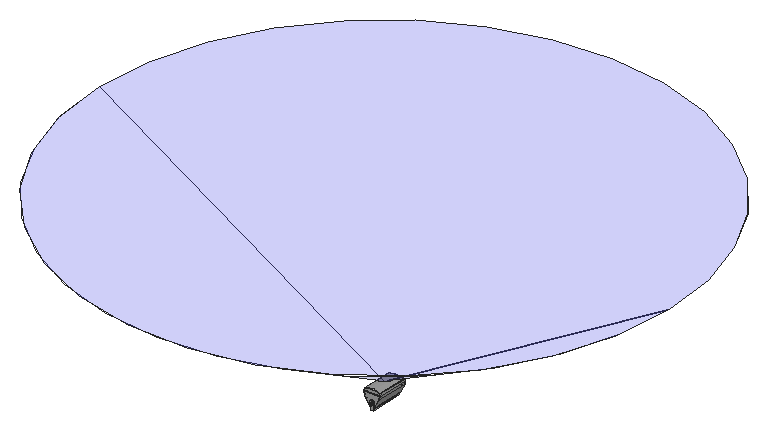
Revit family "SM82T-B", category Communication Devices, Revit 2014
Parameters (values of type "Surface Mount Loundspeaker")
  Width = 9.10"
  Weight Product = 17.25
  Warranty = "5 Year"
  Vertical Symmetry = yes
  URL = "www.atlassound.com"
  Transformer Option = yes
  Specification by User (default) = "TBD"
  Speaker Listening Height [instance] = 30.00"
  Speaker Height [instance] = 120.00"
  Speaker Dispersion = 120.00°
  Speaker Cone Visible [instance] = yes
  Sensitivity = 92
  ScheduleType |RF| = "AtlasIED Master"
  SPL Max = 107
  Rotation = 0.00°
  Product Page URL = "https://www.atlasied.com/sm82t-b"
  Product Documentation Link = "https://www.atlasied.com/f/1913/ATS003255%20SM82T%20Data.pdf"
  Power Rating (RMS) = "150 Watts"
  Pitch = 0.00°
  OmniClass Title = "SPEAKERS"
  OmniClass Number = "23-37 17 13 19"
  Mount Material = QF_Plastic - Black - Fine Textured
  Model = "SM82T-B"
  MaterFormat Title = "SPEAKERS"
  MasterFormat = "27 41 13"
  Market = "Commercial, Higher Education, Emergency"
  Manufacturer URL = "https://www.atlasied.com"
  Manufacturer Phone = "(800) 876 - 3333"
  Manufacturer Email = "support@atlasied.com"
  Manufacturer Address = "4545 E. Baseline Rd., Phoenix, AZ 85042"
  Manufacturer = "ATLAS SOUND"
  Input Connectors = "Barrier Terminal"
  Ingress Protection = "IP-33"
  Impedance = 8
  IQ Category = "SPEAKERS"
  Height = 9.81"
  Grill Material = QF_Plastic - Black - Fine Textured
  Frequency Response  = "65Hz – 20kHz (±3dB)"
  Family Version [instance] = "2017-01"
  Family Code (default) = "LOUD SPEAKERS"
  Environmental Testing = "100HR Salt Spray Test Per ASTM B117"
  Enclosure Material = none
  Dispersion Angle = 0.00°
  Description = "8\" 2-WAY ALL WEATHER LOUDSPEAKER WITH 60-WATT 70V/100V TRANSFORMER - BLACK"
  Depth = 18.365"
  Coverage Vertical = 110.00°
  Coverage Horizontal = 110.00°
  Cost MSRP = 343.99
  Cost = 343.99
  Color = none
  Body Material = QF_Plastic - Black - Fine Textured
  Baffle Material = none
  Assembly Code = ""
  Angle [instance] = 0.00°
  70V Taps = "0.94, 1.9, 3.8, 7.5, 15, 30, & 60 Watts / 8Ω Bypass"
  100V Taps = "0.94, 1.9, 3.8, 7.5, 15, 30, & 60 Watts / 8Ω Bypass"
Reference planes (in)
  plane 1 "Center (Front/Back)": y = 0
  plane 2: z = 0
  plane 3 "Center (Left/Right)": x = 0
  plane 4: x = 4.55
  plane 5: x = -4.55
  plane 6: z = 9.81
  plane 7: z = 3.94372
Forms (in)
  Extrusion 1, solid, material "QF_Plastic - Black - Fine Textured" <- "Mount Material"
    sketch origin (0, 8.51741, 3.92856) x (1, 0, 0) y (0, 0, -1)
      loop
        line (-0.75, 3.92856) -> (-0.75, -0.01516)
        arc (-0.75, -0.01516) -> (0, -0.76516) -> (0.75, -0.01516) r 0.75
        line (0.75, -0.01516) -> (0.75, 3.92856) -> (-0.75, 3.92856)
    from 0 to 0.13
  Extrusion 2, solid, material "QF_Plastic - Black - Fine Textured" <- "Mount Material"
    sketch origin (0, -8.53009, 3.92856) x (-1, 0, 0) y (0, 0, -1)
      loop
        line (0.75, 3.92856) -> (-0.75, 3.92856) -> (-0.75, -0.01516)
        arc (-0.75, -0.01516) -> (0, -0.76516) -> (0.75, -0.01516) r 0.75
        line (0.75, -0.01516) -> (0.75, 3.92856)
    from 0 to 0.13
  Extrusion 3, solid, material "QF_Plastic - Black - Fine Textured" <- "Mount Material"
    sketch origin (0.75, 8.51741, 3.94372) x (0, 0, -1) y (0, 1, 0)
      loop
        line (3.94372, 0.13) -> (3.81372, 0.13) -> (3.81372, -17.0475) -> (3.94372, -17.0475) -> (3.94372, 0.13)
    from 0 to -1.5
  Extrusion 4, solid, material "QF_Plastic - Black - Fine Textured" <- "Mount Material"
    sketch origin (0.75, 8.64741, 0) x (-1, 0, 0) y (0, 1, 0)
      loop
        circle (0.75, -1.94572) r 0.13
      loop
        circle (0.75, -8.34572) r 0.13
      loop
        circle (0.75, -0.8775) r 0.2
      loop
        circle (0.75, -9.59572) r 0.2
      loop
        circle (0.75, -5.005) r 0.25
    from 0 to 0.13
  Revolve 5, solid, material "QF_Metal - Stainless - Polished"
    sketch origin (2.0095, 1.44158, 3.94372) x (0, 1, 0) y (-1, 0, 0)
      loop
        line (1.06703, 2.0095) -> (1.17726, 2.0095) -> (1.17726, 2.2595) -> (1.06703, 2.2595) -> (1.06703, 2.0095)
      axis (1.06703, 2.0095) -> (1.17726, 2.0095)
    angle from 0 <- "Angle" to 225.204
Cuts and joins
  joined: Extrusion 1, Extrusion 2, Extrusion 3
Dimensions and locks (in)
  "Width": plane 5 to plane 4
  "Height": plane 6 to plane 2
  aligned and locked: plane 2 to level
Automatic sketch dimensions
  Extrusion 1 sketch curve to Extrusion 1 sketch curve = 0.75"
  Extrusion 2 sketch curve to Extrusion 2 sketch curve = 0.75"
  Extrusion 3 sketch curve to Extrusion 1 = 0.00"
  Extrusion 1 to Extrusion 3 sketch curve = 0.00"
  Extrusion 3 sketch curve to Extrusion 1 = 0.13"
  Extrusion 3 sketch curve to Extrusion 1 = 17.0475"
  Extrusion 4 sketch curve to Extrusion 3 = 0.75"  (x5)
  Extrusion 3 to Extrusion 4 sketch curve = 0.8775"
  Extrusion 4 sketch curve to Extrusion 4 sketch curve = 1.06822"
  Extrusion 4 sketch curve to Extrusion 4 sketch curve = 3.05928"
  Extrusion 4 sketch curve to Extrusion 4 sketch curve = 3.34072"
  Extrusion 4 sketch curve to Extrusion 4 sketch curve = 1.25"
  Extrusion 1 sketch curve to level = 0.00"
  Extrusion 1 sketch curve to plane 3 "Center (Left/Right)" = 0.00"
  level to Extrusion 1 sketch curve = 3.94372"
  Extrusion 2 sketch curve to level = 0.00"
  Extrusion 2 sketch curve to plane 3 "Center (Left/Right)" = 0.00"
  level to Extrusion 2 sketch curve = 3.94372"
  Revolve 5 sketch curve to plane 3 "Center (Left/Right)" = 0.00"  (x2)
  Revolve 5 sketch curve to plane 1 "Center (Front/Back)" = 2.50861"
  Revolve 5 sketch curve to Revolve 5 sketch curve = 0.11023"
  Revolve 5 sketch curve to plane 3 "Center (Left/Right)" = 0.25"
  Revolve 5 sketch curve to Revolve 5 sketch curve = 2.32274"
  Revolve 5 sketch curve to Revolve 5 sketch curve = 0.59789"
  radius of Extrusion 4 sketch curve = 0.13"  (x2)
  radius of Extrusion 4 sketch curve = 0.20"  (x2)
  radius of Extrusion 4 sketch curve = 0.25"
Nested families (in)
  nested 1: "SM82TB" at (0, 0, 0), Speaker Cone Visible <- "Speaker Cone Visible", Speaker Listening Height <- "Speaker Listening Height", Speaker Height <- "Speaker Height", Speaker Dispersion <- "Speaker Dispersion", type "Surface Mount Loundspeaker"
    with Weight Dimensional/Shipping 0, Speaker Listening Height 30.00", Speaker Height 120.00", Speaker Dispersion 120.00°, Speaker Cone Visible yes, Speaker Cone Height 90.00", Radius of Speaker Cone 155.88457", Family Version "1.0"
Definition of nested family "SM82TB"
  Parameters (values of type "Surface Mount Loundspeaker")
    Woofer Size = 8 (stored number, unit not read)
    Width = 9.10"
    Weight Product = 17.25
    Weight Dimensional/Shipping [instance] = 0
    Weight Dimensional = 22.83
    Warranty = "5 Year Warranty"
    Vertical Symmetry = yes
    URL = "www.atlassound.com"
    Type Driver = "1\" Exit Titanium High Frequency Compression Driver"
    Transformer Option = yes
    Sustainability Rating = "TBD"
    Specification by User (default) = "TBD"
    Specification by Manufacturer = "TBD"
    Speaker Type = "S1"
    Speaker Listening Height [instance] = 30.00"
    Speaker Height [instance] = 120.00"
    Speaker Dispersion [instance] = 120.00°
    Speaker Data Link = "TBD"
    Speaker Cone Visible [instance] = no
    Speaker Cone Height [instance] = (Speaker Height - Speaker Listening Height)  # 90.00"
    Serial Number = "TBD"
    Sensitivity = 92
    Seismic Rating = "TBD"
    ScheduleType |RF| = "AtlasIED Master"
    Safety Features = "TBD"
    Safety Agency Ratings = "TBD"
    SPL Max = 107
    Rotation = 0.00°
    Regulatory Compliance = "TBD"
    Radius of Speaker Cone [instance] = (Speaker Cone Height) * tan(Speaker Dispersion / 2)  # 155.88457"
    Product Page URL = "https://www.atlasied.com/sm82t-b"
    Product Documentation Link = "https://www.atlasied.com/f/1913/ATS003255%20SM82T%20Data.pdf"
    Power Rating (RMS) = "150 Watts"
    Pitch = 0.00°
    Part Number = "SM82T-B"
    Outdoor/Weather Rating = "TBD"
    OmniClass Title = "SPEAKERS"
    OmniClass Number = "23-37 17 13 19"
    Number of Bands = 0
    Mounting/Rigging Provisions = "TBD"
    Mount Material = QF_Plastic - Black - Fine Textured
    Model = "SM82T-B"
    MaterFormat Title = "SPEAKERS"
    MasterFormat = "27 41 13"
    Market = "Commercial, Higher Education, Emergency"
    Manufacturer URL = "https://www.atlasied.com"
    Manufacturer Phone = "(800) 876 - 3333"
    Manufacturer Email = "support@atlasied.com"
    Manufacturer Address = "4545 E. Baseline Rd., Phoenix, AZ 85042"
    Manufacturer = "ATLAS SOUND"
    Input Connectors = "Barrier Terminal"
    Ingress Protection = "TBD"
    Impedance = 8
    IQ Category = "SPEAKERS"
    Horizontal Symmetry = yes
    Height = 9.81"
    Grill Material = QF_Plastic - Black - Fine Textured
    Frequency Response  = "65Hz – 20kHz (±3dB)"
    Family Version [instance] = "1.0"
    Family Code (default) = "ITS Inc."
    Environmental Testing = "100HR Salt Spray Test Per ASTM B117"
    Enclosure Material = none
    Dispersion Angle = 0.00°
    Description = "8\" 2-WAY ALL WEATHER LOUDSPEAKER WITH 60-WATT 70V/100V TRANSFORMER - BLACK"
    Depth = 18.365"
    Crossover Frequency = "2.5kHz"
    Coverage Vertical = 110.00°
    Coverage Horizontal = 110.00°
    Coverage = "ADD COVERAGE VIEW"
    Cost MSRP = 343.99
    Cost = 343.99
    Color = none
    Body Material = QF_Plastic - Black - Fine Textured
    Baffle Material = none
    Assembly Code = ""
    70V Taps = "0.94, 1.9, 3.8, 7.5, 15, 30, & 60 Watts / 8Ω Bypass"
    100V Taps = "0.94, 1.9, 3.8, 7.5, 15, 30, & 60 Watts / 8Ω Bypass"
  Reference planes (in)
    plane 1 "Center (Front/Back)": y = 0
    plane 2: z = 0
    plane 3 "Center (Left/Right)": x = 0
    plane 4: x = 4.55
    plane 5: x = -4.55
    plane 6: z = 9.81
  Forms (in)
    Extrusion 1, solid, material "QF_Metal - Stainless - Polished"
      sketch origin (-1.82508, 38.80741, 9.81) x (0, 1, 0) y (1, 0, 0)
        loop
          circle (-46.565, 1.82508) r 0.30986
      from 0 to 0.03
    Extrusion 2, solid, material "QF_Plastic - Black - Fine Textured" <- "Body Material"
      sketch origin (0, -9.19259, 3.92856) x (1, 0, 0) y (0, 0, -1)
        loop
          arc (1.50112, 2.40488) -> (1.34091, 2.56567) -> (1.1217, 2.62455) r 0.4375
          line (1.1217, 2.62455) -> (-1.1217, 2.62455)
          arc (-1.1217, 2.62455) -> (-1.34091, 2.56567) -> (-1.50112, 2.40488) r 0.4375
          line (-1.50112, 2.40488) -> (-4.125, -2.16545) -> (-4.5, -3.76545) -> (4.5, -3.76545) -> (4.125, -2.16545) -> (1.50112, 2.40488)
      from 0.6625 to 17.71
    Sweep 3, void
      path origin (0, 8.51741, 3.92856) x (1, 0, 0) y (0, 0, -1)
        loop
          line (4.34748, -5.50879) -> (4.5, -3.76545) -> (4.125, -2.16545) -> (1.375, 2.62455) -> (-1.375, 2.62455) -> (-4.125, -2.16545) -> (-4.5, -3.76545) -> (-4.34748, -5.50879)
      profile origin (2.75, 8.51741, 3.69901) x (-0.867239, 0, 0.497893) y (0, 1, 0)
        loop
          spline (-0.05824, -0.4375) -> (-0.05629, -0.37239) -> (-0.04473, -0.30829) -> (-0.02382, -0.24663) -> (0.00598, -0.18876) -> (0.044, -0.13598) -> (0.08941, -0.08945) -> (0.14119, -0.05021) -> (0.19821, -0.01912) -> (0.25919, 0.00312) -> (0.32278, 0.01603) -> (0.38758, 0.01931) -> (0.45214, 0.0129)
          line (0.45214, 0.0129) -> (0.45214, 0.14191) -> (-0.15314, 0.14191) -> (-0.15314, -0.4375) -> (-0.05824, -0.4375)
        loop
          line (-0.05824, -16.59731) -> (-0.15314, -16.59731) -> (-0.15314, -17.17672) -> (0.45214, -17.17672) -> (0.45214, -17.04771)
          spline (0.45214, -17.04771) -> (0.38758, -17.05413) -> (0.32278, -17.05084) -> (0.25919, -17.03794) -> (0.19821, -17.01569) -> (0.14119, -16.9846) -> (0.08941, -16.94536) -> (0.044, -16.89883) -> (0.00598, -16.84605) -> (-0.02382, -16.78819) -> (-0.04473, -16.72652) -> (-0.05629, -16.66243) -> (-0.05824, -16.59731)
    Revolve 4, solid, material "QF_Plastic - Black - Fine Textured" <- "Mount Material"
      sketch origin (0, -9.19259, 3.92856) x (1, 0, 0) y (0, 1, 0)
        loop
          line (0, 18.37) -> (-0.74918, 18.37) -> (-0.74918, 18) -> (-0.48668, 18) -> (-0.48668, 17.7125) -> (0, 17.7125) -> (0, 18.37)
        loop
          line (0, 0.005) -> (0, 0.6625) -> (-0.48668, 0.6625) -> (-0.48668, 0.375) -> (-0.74918, 0.375) -> (-0.74918, 0.005) -> (0, 0.005)
        axis (0, 18.37) -> (0, 0.005)
      angle from 0 to 360
    Extrusion 5, solid, material "QF_Plastic - Black - Fine Textured" <- "Body Material"
      sketch origin (0, 8.51741, 3.92856) x (1, 0, 0) y (0, 0, -1)
        loop
          line (4.38577, -5.13111) -> (4.47813, -4.07545) -> (-4.47813, -4.07545) -> (-4.38577, -5.13111)
          arc (-4.38577, -5.13111) -> (0, -5.78707) -> (4.38577, -5.13111) r 14.98966
      from 0 to -17.0475
    Extrusion 6, solid, material "QF_Plastic - Black - Fine Textured" <- "Grill Material"
      sketch origin (0, 8.51741, 3.92856) x (1, 0, 0) y (0, 0, -1)
        loop
          line (4.06051, -5.31255) -> (4.06051, -5.22662)
          arc (4.06051, -5.22662) -> (0, -5.78707) -> (-4.06051, -5.22662) r 14.98966
          line (-4.06051, -5.22662) -> (-4.06051, -5.31255)
          arc (-4.06051, -5.31255) -> (0, -5.88144) -> (4.06051, -5.31255) r 14.7755
      from -0.19881 to -16.83601
    Extrusion 7, solid, material "QF_Plastic - Black - Fine Textured" <- "Body Material"
      sketch origin (1.65, -9.19259, 7.69401) x (1, 0, 0) y (0, 1, 0)
        loop
          line (2.59455, 17.71) -> (-5.89455, 17.71)
          arc (-5.89455, 17.71) -> (-6.08983, 17.5904) -> (-6.2, 17.38964) r 0.44587
          line (-6.2, 17.38964) -> (-6.2, 0.99451)
          arc (-6.2, 0.99451) -> (-6.06974, 0.77506) -> (-5.84069, 0.6625) r 0.44747
          line (-5.84069, 0.6625) -> (-5.68561, 0.6625) -> (2.38561, 0.6625) -> (2.54069, 0.6625)
          arc (2.54069, 0.6625) -> (2.76974, 0.77506) -> (2.9, 0.99451) r 0.44747
          line (2.9, 0.99451) -> (2.9, 17.38964)
          arc (2.9, 17.38964) -> (2.78983, 17.5904) -> (2.59455, 17.71) r 0.44587
      from 0 to 0.31
    Blend 8, solid, material "Glass", visible <- "Speaker Cone Visible"
      base sketch origin (0, 0, 9.80859) x (1, 0, 0) y (0, 1, 0)
        loop
          circle (0, 0.09521) r 155.88457
      top sketch origin (0, 0, 9.80859) x (1, 0, 0) y (0, 1, 0)
        loop
          circle (0, 0.09521) r 0.13513
      from 90 <- "Speaker Cone Height" to 0
  Cuts and joins
    Sweep 3 cuts Extrusion 2
    Sweep 3 cuts Extrusion 5
  Lines and regions (in)
    symbolic lines
      curve 1: line (-4.06051, -8.3186, 0) -> (4.06051, -8.3186, 0)
      curve 2: line (4.06051, -8.3186, 0) -> (4.06051, 8.3186, 0)
      curve 3: line (4.06051, 8.3186, 0) -> (-4.06051, 8.3186, 0)
      curve 4: line (-4.06051, 8.3186, 0) -> (-4.06051, -8.3186, 0)
      curve 5: line (4.24455, 8.51741, 0) -> (-4.24455, 8.51741, 0)
      curve 6: arc (-4.24455, 8.51741, 0) -> (-4.43983, 8.39781, 0) -> (-4.55, 8.19705, 0) r 0.44587
      curve 7: line (-4.55, 8.19705, 0) -> (-4.55, -8.19808, 0)
      curve 8: arc (-4.55, -8.19808, 0) -> (-4.41974, -8.41754, 0) -> (-4.19069, -8.53009, 0) r 0.44747
      curve 9: line (-4.19069, -8.53009, 0) -> (-4.03561, -8.53009, 0)
      curve 10: line (-4.03561, -8.53009, 0) -> (4.03561, -8.53009, 0)
      curve 11: line (4.03561, -8.53009, 0) -> (4.19069, -8.53009, 0)
      curve 12: arc (4.19069, -8.53009, 0) -> (4.41974, -8.41754, 0) -> (4.55, -8.19808, 0) r 0.44747
      curve 13: line (4.55, -8.19808, 0) -> (4.55, 8.19705, 0)
      curve 14: arc (4.55, 8.19705, 0) -> (4.43983, 8.39781, 0) -> (4.24455, 8.51741, 0) r 0.44587
      curve 15: line (0.74918, -9.18759, 0) -> (-0.74918, -9.18759, 0)
      curve 16: line (0.74918, -8.81759, 0) -> (0.74918, -9.18759, 0)
      curve 17: line (-0.74918, -8.81759, 0) -> (0.74918, -8.81759, 0)
      curve 18: line (-0.74918, -9.18759, 0) -> (-0.74918, -8.81759, 0)
      curve 19: line (-0.75, -8.66009, 0) -> (0.75, -8.66009, 0)
      curve 20: line (0.75, -8.66009, 0) -> (0.75, -8.53009, 0)
      curve 21: line (-0.75, -8.66009, 0) -> (-0.75, -8.53009, 0)
      curve 22: line (-0.48787, -8.81759, 0) -> (-0.48787, -8.66009, 0)
      curve 23: line (0.48528, -8.81759, 0) -> (0.48528, -8.66009, 0)
      curve 24: line (0.74918, 9.18759, 0) -> (-0.74918, 9.18759, 0)
      curve 25: line (0.74918, 8.81759, 0) -> (0.74918, 9.18759, 0)
      curve 26: line (-0.74918, 8.81759, 0) -> (0.74918, 8.81759, 0)
      curve 27: line (-0.74918, 9.18759, 0) -> (-0.74918, 8.81759, 0)
      curve 28: line (-0.75, 8.66009, 0) -> (0.75, 8.66009, 0)
      curve 29: line (0.75, 8.66009, 0) -> (0.75, 8.53009, 0)
      curve 30: line (-0.75, 8.66009, 0) -> (-0.75, 8.53009, 0)
      curve 31: line (-0.48787, 8.81759, 0) -> (-0.48787, 8.66009, 0)
      curve 32: line (0.48528, 8.81759, 0) -> (0.48528, 8.66009, 0)
    symbolic lines, style "Sound Projection Average", visible <- "Speaker Cone Visible"
      curve 33: circle (0, 0.09521, 9.80859) r 155.88457 normal (0, 0, 1)
  Dimensions and locks (in)
    "Width": plane 5 to plane 4
    "Height": plane 6 to plane 2
    Revolve 4 to Revolve 4 = 18.365"
    "Radius of Speaker Cone": radius of Blend 8 sketch curve
    aligned and locked: plane 2 to level
  Automatic sketch dimensions
    curve 8 to plane 5 = 0.00"
    curve 13 to plane 4 = 0.00"
    curve 5 to plane 5 = 0.30545"
    curve 9 to plane 5 = 0.35931"
    curve 6 to plane 5 = 0.43286"
    curve 8 to plane 5 = 0.43395"
    curve 6 to curve 4 = 0.05664"
    curve 9 to curve 10 = 0.15509"
    curve 30 to plane 3 "Center (Left/Right)" = 0.75"
    curve 21 to plane 3 "Center (Left/Right)" = 0.75"
    curve 19 to curve 15 = 0.00082"
    curve 28 to curve 26 = 0.00082"
    plane 3 "Center (Left/Right)" to curve 17 = 0.74918"
    plane 3 "Center (Left/Right)" to curve 26 = 0.74918"
    curve 25 to curve 29 = 0.00082"
    curve 16 to curve 19 = 0.00082"
    plane 4 to curve 10 = 0.51439"
    curve 10 to curve 2 = 0.0249"
    curve 1 to curve 12 = 0.05555"
    curve 2 to curve 14 = 0.05664"
    curve 10 to curve 11 = 0.15509"
    curve 2 to curve 5 = 0.18404"
    plane 1 "Center (Front/Back)" to curve 18 = 9.18759"
    curve 15 to curve 17 = 0.37"
    curve 16 to curve 20 = 0.1575"
    curve 19 to curve 9 = 0.13"
    curve 9 to curve 1 = 0.21149"
    curve 8 to curve 7 = 0.33201"
    curve 12 to curve 13 = 0.33201"
    curve 14 to plane 1 "Center (Front/Back)" = 8.09013"
    curve 6 to plane 1 "Center (Front/Back)" = 8.09013"
    curve 6 to curve 7 = 0.10692"
    curve 14 to curve 3 = 0.22847"
    curve 3 to curve 30 = 0.34149"
    curve 28 to curve 27 = 0.1575"
    curve 25 to curve 24 = 0.37"
    curve 19 to curve 22 = 0.26213"
    curve 26 to curve 31 = 0.26131"
    curve 32 to curve 28 = 0.26472"
    curve 23 to curve 16 = 0.2639"
    curve 30 to curve 28 = 0.13"
    curve 29 to curve 28 = 0.13"
    Extrusion 1 sketch curve to plane 3 "Center (Left/Right)" = 0.00"
    plane 1 "Center (Front/Back)" to Extrusion 1 sketch curve = 7.75759"
    Extrusion 2 sketch curve to plane 5 = 0.05"
    Extrusion 2 sketch curve to plane 5 = 0.425"
    Extrusion 2 sketch curve to plane 3 "Center (Left/Right)" = 1.50112"
    Extrusion 2 sketch curve to Extrusion 2 sketch curve = 0.37942"  (x2)
    plane 3 "Center (Left/Right)" to Extrusion 2 sketch curve = 1.1217"
    plane 4 to Extrusion 2 sketch curve = 0.425"
    plane 4 to Extrusion 2 sketch curve = 0.05"
    Extrusion 2 sketch curve to plane 6 = 2.11599"
    Extrusion 2 sketch curve to Extrusion 2 sketch curve = 1.60"  (x2)
    level to Extrusion 2 sketch curve = 1.74151"  (x2)
    Extrusion 2 sketch curve to Extrusion 2 sketch curve = 0.21783"
    Extrusion 2 to Sweep 3 sketch curve = 0.00"  (x2)
    Sweep 3 sketch curve to Extrusion 2 = 0.00"  (x9)
    Extrusion 2 to Sweep 3 sketch curve = 1.74334"  (x2)
    Sweep 3 sketch curve to Sweep 3 sketch curve = 0.15252"  (x2)
    profile plane to Sweep 3 sketch curve = 0.15314"  (x2)
    profile plane to Sweep 3 sketch curve = 0.05824"  (x2)
    Sweep 3 sketch curve to profile plane = 0.45214"  (x2)
    profile plane to Sweep 3 sketch curve = 0.14191"
    profile plane to Sweep 3 sketch curve = 0.0129"
    Sweep 3 sketch curve to profile plane = 0.4375"
    Sweep 3 sketch curve to Sweep 3 sketch curve = 16.15981"
    Sweep 3 sketch curve to Sweep 3 sketch curve = 0.4504"
    Sweep 3 sketch curve to Sweep 3 sketch curve = 0.12901"
    Sweep 3 sketch curve to Sweep 3 sketch curve = 0.07506"  (x2)
    profile plane to Sweep 3 sketch curve = 0.01944"
    Sweep 3 sketch curve to Sweep 3 sketch curve = 0.01944"
    Revolve 4 sketch curve to plane 3 "Center (Left/Right)" = 0.00"  (x3)
    Revolve 4 sketch curve to plane 3 "Center (Left/Right)" = 0.48668"  (x2)
    Revolve 4 sketch curve to Revolve 4 sketch curve = 0.2625"  (x2)
    plane 1 "Center (Front/Back)" to Revolve 4 sketch curve = 9.18759"
    Revolve 4 sketch curve to Revolve 4 sketch curve = 0.37"  (x2)
    Revolve 4 sketch curve to Revolve 4 sketch curve = 0.2875"  (x2)
    Revolve 4 sketch curve to plane 1 "Center (Front/Back)" = 8.51991"
    Revolve 4 sketch curve to Revolve 4 sketch curve = 1.10286"
    Revolve 4 sketch curve to Revolve 4 sketch curve = 0.10978"
    Extrusion 2 to Extrusion 5 sketch curve = 0.31"
    Extrusion 5 sketch curve to Extrusion 2 = 0.09203"
    Extrusion 2 to Extrusion 5 sketch curve = 1.36565"  (x2)
    Extrusion 5 sketch curve to Extrusion 5 sketch curve = 0.09236"  (x2)
    Extrusion 2 to Extrusion 5 sketch curve = 6.57805"
    Extrusion 5 sketch curve to Extrusion 5 sketch curve = 4.47813"
    Extrusion 6 sketch curve to Extrusion 5 = 1.15117"  (x2)
    Extrusion 6 sketch curve to Extrusion 6 sketch curve = 0.00"
    Extrusion 6 sketch curve to Extrusion 6 sketch curve = 0.08593"
    Extrusion 6 sketch curve to Extrusion 6 sketch curve = 0.30853"
    Extrusion 2 to Extrusion 7 sketch curve = 0.00"
    Extrusion 7 sketch curve to Extrusion 2 = 0.00"
    Extrusion 7 sketch curve to Extrusion 2 = 0.05"
    Extrusion 2 to Extrusion 7 sketch curve = 0.25545"
    Extrusion 2 to Extrusion 7 sketch curve = 0.30931"
    Extrusion 2 to Extrusion 7 sketch curve = 0.38286"
    Extrusion 2 to Extrusion 7 sketch curve = 0.38395"
    Extrusion 7 sketch curve to Extrusion 7 sketch curve = 0.15509"  (x2)
    Extrusion 7 sketch curve to Extrusion 2 = 0.46439"
    Extrusion 7 sketch curve to Extrusion 2 = 0.38395"
    Extrusion 7 sketch curve to Extrusion 2 = 0.38286"
    Extrusion 7 sketch curve to Extrusion 2 = 0.25545"
    Extrusion 2 to Extrusion 7 sketch curve = 0.05"
    Extrusion 2 to Extrusion 7 sketch curve = 0.33201"  (x2)
    Extrusion 2 to Extrusion 7 sketch curve = 0.42728"  (x2)
    Blend 8 sketch curve to plane 3 "Center (Left/Right)" = 0.00"  (x2)
    Blend 8 sketch curve to plane 1 "Center (Front/Back)" = 0.09521"  (x2)
    radius of Extrusion 1 sketch curve = 0.30986"
    radius of Extrusion 6 sketch curve to Extrusion 5 = 0.00"
    radius of Blend 8 sketch curve = 0.13513"
  Nested families (in)
    nested 1: "Speaker Annotation" at (0, 0, 9.80859), Speaker Type <- "Speaker Type", type "Data Annotation"
      with Speaker Type "S1"
  Definition of nested family "Speaker Annotation"
    Parameters (values of type "Data Annotation")
      Speaker Type [instance] = ""
    Reference planes (in)
      plane 1: y = 0
      plane 2: x = 0
    Lines and regions (in)
      detail lines, style "Data Device"
        curve 1: circle (-0.00295, 0.00032, 0) r 0.09489 normal (0, 0, 1)
    Text (in)
      label "S1" at (0.00193, -0.00496, 0), shows "Speaker Type"
